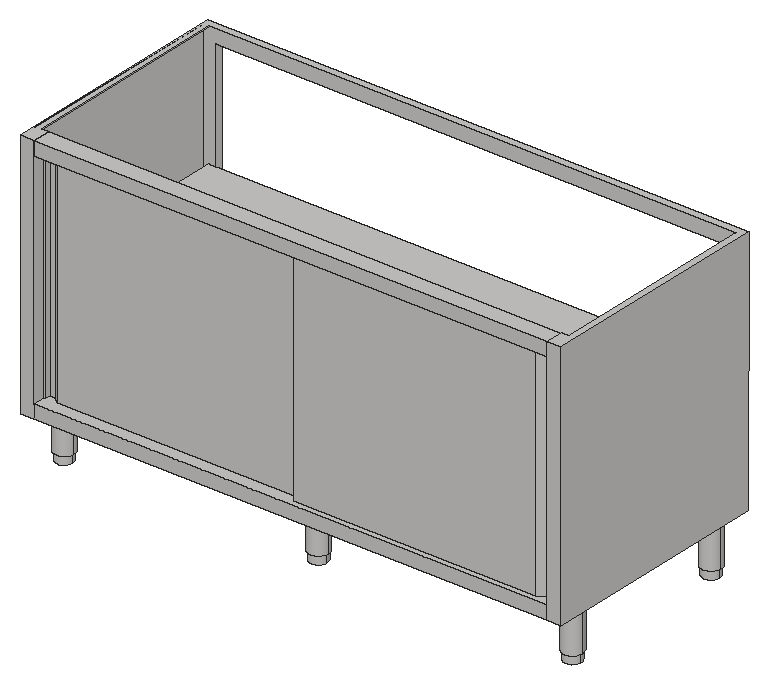
Revit family "QF_ELECTROLUXPROFESSIONAL_133186_RSAU1600SD", category Specialty Equipment, Revit 2018
Family settings
  Round Connector Dimension = Use Diameter
  Part Type = Normal
  Work Plane-Based = No
  Always vertical = Yes
  Cut with Voids When Loaded = No
  Shared = No
  Room Calculation Point = No
Parameters
  Weight = 0.00 kg
  Watts = 0 W
  Volts = 0 V
  URL Manufacturer = ""
  Steam Supply Size = 0 mm
  Steam Supply Minimum Pressure = 0.0 Pa
  Steam Supply Maximum Pressure = 0.0 Pa
  Steam Pounds per Hour = 0
  Refrigeration Suction Line Size = 0 mm
  Refrigeration Liquid Line Size = 0 mm
  Refrigerant Compressor Remote = yes
  Phase = 0
  Length Actual = 0 mm
  Item Number = ""
  Hot Water Size = 0 mm
  Height Actual = 0 mm
  HP = ""
  Gas Size = 0 mm
  Gas KW = 0
  Gas Input Pressure = 0 W
  Direct Waste Size = 0 mm
  Depth Actual = 0 mm
  Cycle = 0 Hz
  Condensate Return Size = 0 mm
  Compressed Air Volume = 0.0 L/s
  Compressed Air Size = 0 mm
  Compressed Air Pressure = 0.0 Pa
  Cold Water Size = 0 mm
  Accessory = yes
Reference planes
  plane 1 "Center (Front/Back)": y = 0
  plane 2: z = 0
  plane 3 "Center (Left/Right)": x = 0
  plane 4: y = 344.5
  plane 5 "Left": x = -794.5
  plane 6 "Right": x = 794.5
  plane 7: y = -344.5
  plane 8: z = 150
  plane 9: z = 883
  plane 10: x = -747.5
  plane 11: x = 747.5
  plane 12: y = 266.5
  plane 13: y = -241.9
Forms (mm)
  Extrusion 1, solid, material "QF_Finishes_Stainless Steel"
    sketch origin (0, 0, 0) x (1, 0, 0) y (0, 1, 0)
      loop
        line (-794.5, 344.5) -> (-794.5, -344.5) -> (-754.5, -344.5) -> (754.5, -344.5) -> (794.5, -344.5) -> (794.5, 344.5) -> (-794.5, 344.5)
    from 150 to 190
  Sweep 2, solid, material "QF_Finishes_Stainless Steel"
    path in 3D
      loop
        line (-794.5, -291.5, 150) -> (-794.5, 324.5, 150)
    profile origin (-794.5, 16.5, 150) x (1, 0, 0) y (0, 0, -1)
      loop
        line (0, -40) -> (0, -733) -> (20, -733) -> (20, -731.5) -> (1.5, -731.5) -> (1.5, -40) -> (0, -40)
  Extrusion 3, solid, material "QF_Finishes_Stainless Steel"
    sketch origin (0, 0, 0) x (1, 0, 0) y (0, 1, 0)
      loop
        line (-794.5, 344.5) -> (-794.5, 324.5) -> (-754.5, 324.5) -> (-754.5, 344.5) -> (-794.5, 344.5)
      loop
        line (794.5, 344.5) -> (754.5, 344.5) -> (754.5, 324.5) -> (794.5, 324.5) -> (794.5, 344.5)
      loop
        line (-794.5, -344.5) -> (-754.5, -344.5) -> (-754.5, -291.5) -> (-794.5, -291.5) -> (-794.5, -344.5)
      loop
        line (794.5, -344.5) -> (794.5, -291.5) -> (754.5, -291.5) -> (754.5, -344.5) -> (794.5, -344.5)
    from 190 to 883
  Extrusion 4, solid, material "QF_Finishes_Stainless Steel"
    sketch origin (0, 0, 0) x (1, 0, 0) y (0, 1, 0)
      loop
        line (-754.5, -291.5) -> (-754.5, -343.5) -> (754.5, -343.5) -> (754.5, -291.5) -> (-754.5, -291.5)
    from 843 to 881.5
  Extrusion 5, solid, material "QF_Finishes_Stainless Steel"
    sketch origin (0, 0, 0) x (1, 0, 0) y (0, 1, 0)
      loop
        line (-774.5, 324.5) -> (-774.5, -291.5) -> (774.5, -291.5) -> (774.5, 324.5) -> (-774.5, 324.5)
    from 480 to 520.003
  Sweep 6, solid, material "QF_Finishes_Stainless Steel"
    path in 3D
      loop
        line (794.5, -291.5, 150) -> (794.5, 324.5, 150)
    profile origin (794.5, 16.5, 150) x (1, 0, 0) y (0, 0, -1)
      loop
        line (0, -40) -> (-1.5, -40) -> (-1.5, -731.5) -> (-20, -731.5) -> (-20, -733) -> (0, -733) -> (0, -40)
  Extrusion 7, solid, material "QF_Finishes_Stainless Steel"
    sketch origin (0, 0, 0) x (1, 0, 0) y (0, 1, 0)
      loop
        line (-754.5, 324.5) -> (754.5, 324.5) -> (754.5, 344.5) -> (-754.5, 344.5) -> (-754.5, 324.5)
    from 843 to 883
Cuts and joins
  joined: Extrusion 1, Sweep 2, Extrusion 3, Extrusion 4, Extrusion 5, Sweep 6, Extrusion 7
Lines and regions (mm)
  sketch lines
    curve 1: line (-794.5, -291.5, 150) -> (-794.5, 324.5, 150)
    curve 2: line (794.5, -291.5, 150) -> (794.5, 324.5, 150)
  symbolic lines
    curve 3: line (-794.5, 344.5, 0) -> (794.5, 344.5, 0)
    curve 4: line (-794.5, -344.5, 0) -> (-794.5, 344.5, 0)
    curve 5: line (794.5, -344.5, 0) -> (-794.5, -344.5, 0)
    curve 6: line (794.5, 344.5, 0) -> (794.5, -344.5, 0)
    curve 7: line (-794.5, -311.5, 0) -> (0, -311.5, 0)
    curve 8: line (0, -311.5, 0) -> (0, -331.5, 0)
    curve 9: line (0, -331.5, 0) -> (794.5, -331.5, 0)
Dimensions and locks
  equal spacing: plane 5 "Left", plane 3 "Center (Left/Right)", plane 6 "Right"
  equal spacing: plane 4, plane 1 "Center (Front/Back)", plane 7
  plane 9 to plane 8 to level = 733 mm, 150 mm locked
  plane 3 "Center (Left/Right)" to plane 6 "Right" = 794.5 mm
  plane 7 to plane 1 "Center (Front/Back)" = 344.5 mm
  plane 9 to level = 883 mm
  locked: plane 10 to plane 5 "Left" at 47
  locked: plane 6 "Right" to plane 11 at 47
  plane 4 to plane 12 = 78 mm
  locked: plane 13 to plane 7 at 102.6
  aligned and locked: level to plane 2
  aligned and locked: Extrusion 1 to plane 8
  aligned and locked: plane 4 to Extrusion 1
  aligned and locked: Extrusion 1 to plane 5 "Left"
  aligned and locked: plane 6 "Right" to Extrusion 1
  aligned and locked: Extrusion 1 to plane 7
  aligned and locked: plane 11 to nested 3
  aligned and locked: plane 11 to nested 2
  aligned and locked: plane 10 to nested 1
  aligned and locked: plane 10 to nested 4
  aligned and locked: plane 12 to nested 1
  aligned and locked: plane 13 to nested 3
  aligned and locked: plane 13 to nested 4
  aligned and locked: plane 12 to nested 2
Automatic sketch dimensions
  Extrusion 1 sketch curve to plane 5 "Left" = 0 mm
  Extrusion 1 sketch curve to plane 7 = 0 mm  (x3)
  Extrusion 1 sketch curve to plane 6 "Right" = 0 mm
  Extrusion 1 sketch curve to plane 4 = 0 mm
  Extrusion 1 sketch curve to plane 10 = 7 mm
  Extrusion 1 sketch curve to Extrusion 1 sketch curve = 0 mm  (x2)
  plane 11 to Extrusion 1 sketch curve = 7 mm
  profile plane to Sweep 2 sketch curve = 0 mm
  Sweep 2 sketch curve to Sweep 2 sketch curve = 1.5 mm  (x2)
  Sweep 2 sketch curve to Sweep 2 sketch curve = 18.5 mm
  Sweep 2 sketch curve to profile plane = 733 mm
  Sweep 2 sketch curve to profile plane = 40 mm
  Extrusion 3 sketch curve to plane 4 = 0 mm  (x2)
  Extrusion 3 sketch curve to plane 5 "Left" = 0 mm  (x2)
  Extrusion 3 sketch curve to plane 7 = 0 mm  (x2)
  Extrusion 3 sketch curve to plane 6 "Right" = 0 mm  (x2)
  Extrusion 3 sketch curve to plane 10 = 7 mm  (x2)
  plane 11 to Extrusion 3 sketch curve = 7 mm  (x2)
  plane 13 to Extrusion 3 sketch curve = 49.6 mm  (x2)
  Extrusion 3 sketch curve to plane 4 = 20 mm  (x2)
  plane 7 to Extrusion 4 sketch curve = 1 mm
  Extrusion 4 sketch curve to plane 10 = 7 mm
  plane 11 to Extrusion 4 sketch curve = 7 mm
  Extrusion 4 sketch curve to Extrusion 4 sketch curve = 52 mm
  plane 5 "Left" to Extrusion 5 sketch curve = 20 mm
  Extrusion 5 sketch curve to plane 6 "Right" = 20 mm
  plane 13 to Extrusion 5 sketch curve = 49.6 mm
  Extrusion 5 sketch curve to plane 4 = 20 mm
  profile plane to Sweep 6 sketch curve = 0 mm
  Sweep 6 sketch curve to Sweep 6 sketch curve = 1.5 mm  (x2)
  Sweep 6 sketch curve to Sweep 6 sketch curve = 18.5 mm
  Sweep 6 sketch curve to profile plane = 733 mm
  Sweep 6 sketch curve to profile plane = 40 mm
  Extrusion 7 sketch curve to plane 4 = 0 mm
  Extrusion 7 sketch curve to plane 10 = 7 mm
  plane 11 to Extrusion 7 sketch curve = 7 mm
  Extrusion 7 sketch curve to Extrusion 7 sketch curve = 20 mm
  curve 3 to plane 4 = 0 mm
  curve 3 to plane 5 "Left" = 0 mm
  curve 7 to plane 3 "Center (Left/Right)" = 0 mm
  curve 5 to plane 6 "Right" = 0 mm
  curve 5 to plane 7 = 0 mm
  plane 7 to curve 7 = 33 mm
  plane 7 to curve 8 = 13 mm
Nested families
  nested 1: "Foot_Ø50_H150" at (-747.5, 266.5, 0), type "Foot_Ø50_H150"
  nested 2: "Foot_Ø50_H150" at (747.5, 266.5, 0), type "Foot_Ø50_H150"
  nested 3: "Foot_Ø50_H150" at (747.5, -241.9, 0), type "Foot_Ø50_H150"
  nested 4: "Foot_Ø50_H150" at (-747.5, -241.9, 0), type "Foot_Ø50_H150"
  nested 5: "Sliding Door" at (0, -291.5, 516.5) x (-1, 0, 0) z (0, -1, 0), type "Sliding Door"
    with L 1503 mm, H 647 mm
  nested 6: "Foot_Ø50_H150" at (0, 266.5, 0), type "Foot_Ø50_H150"
  nested 7: "Foot_Ø50_H150" at (0, -241.9, 0), type "Foot_Ø50_H150"
Definition of nested family "Foot_Ø50_H150"
  Reference planes
    plane 1 "Centro (Fronte/Retro)": y = 0
    plane 2: z = 0
    plane 3 "Centro (Sinistra/Destra)": x = 0
    plane 4: z = 150
  Forms (mm)
    Revolve 1, solid
      sketch origin (255.05, 0, 608.09) x (0, 0, 1) y (-1, 0, 0)
        loop
          line (-608.09, 255.05) -> (-608.09, 230.05) -> (-583.09, 230.05) -> (-583.09, 226.05) -> (-458.09, 226.05) -> (-458.09, 255.05) -> (-608.09, 255.05)
        axis (-608.09, 255.05) -> (-458.09, 255.05)
      angle from 0 to 360
  Dimensions and locks
    locked: Revolve 1 sketch curve to Revolve 1 sketch curve at 125
    aligned and locked: level to plane 2
    aligned and locked: plane 4 to Revolve 1 sketch curve
    aligned and locked: Revolve 1 sketch curve to level
    aligned and locked: plane 3 "Centro (Sinistra/Destra)" to Revolve 1 sketch curve
Definition of nested family "Sliding Door"
  Parameters
    L [instance] = 468 mm
    H [instance] = 560 mm
    Default Elevation = 1219.2 mm
  Reference planes
    plane 1 "Centro (Fronte/Retro)": y = 0
    plane 2: z = 0
    plane 3 "Centro (Sinistra/Destra)": x = 0
    plane 4: y = 280
    plane 5: y = -280
    plane 6: x = 234
    plane 7: x = -234
  Forms (mm)
    Extrusion 1, solid
      sketch origin (0, 0, 0) x (1, 0, 0) y (0, 1, 0)
        loop
          line (-1219.2, 1219.2) -> (-1219.2, -1219.2) -> (1219.2, -1219.2) -> (1219.2, 1219.2) -> (-1219.2, 1219.2)
      from 0 to -304.8
    Extrusion 2, solid
      sketch origin (-234, 0, 20) x (-1, 0, 0) y (0, 0, -1)
        loop
          line (-234, 0) -> (-234, -20) -> (-39.641, -20) -> (-19.162, -5.661) -> (-5, -5.661) -> (-5, -20) -> (0, -20) -> (0, 0) -> (-234, 0)
      from -280 to 280
    Extrusion 3, solid
      sketch origin (234, 0, 0) x (1, 0, 0) y (0, 0, 1)
        loop
          line (-234, 0) -> (0, 0) -> (0, 20) -> (-5, 20) -> (-5, 5.661) -> (-19.162, 5.661) -> (-39.641, 20) -> (-234, 20) -> (-234, 0)
      from -280 to 280
  Dimensions and locks
    equal spacing: plane 4, plane 1 "Centro (Fronte/Retro)", plane 5
    "H": plane 4 to plane 5
    "L": plane 6 to plane 7
    locked: Extrusion 2 sketch curve to Extrusion 2 sketch curve at 5
    locked: Extrusion 2 sketch curve to Extrusion 2 sketch curve at 14.162
    locked: Extrusion 2 sketch curve to Extrusion 2 sketch curve at 39.641
    locked: Extrusion 3 sketch curve to Extrusion 3 sketch curve at 5
    locked: Extrusion 3 sketch curve to Extrusion 3 sketch curve at 14.162
    locked: Extrusion 3 sketch curve to Extrusion 3 sketch curve at 39.641
    equal spacing: plane 7, plane 3 "Centro (Sinistra/Destra)", plane 6
    aligned and locked: plane 2 to Extrusion 1
    aligned and locked: level to Extrusion 1
    aligned and locked: plane 4 to Extrusion 2
    aligned and locked: Extrusion 2 to plane 5
    aligned and locked: Extrusion 3 to plane 5
    aligned and locked: plane 4 to Extrusion 3
  Automatic sketch dimensions
    Extrusion 1 sketch curve to Extrusion 1 sketch curve = 2438.4 mm  (x2)
    Extrusion 2 sketch curve to plane 3 "Centro (Sinistra/Destra)" = 0 mm
    plane 7 to Extrusion 2 sketch curve = 0 mm
    Extrusion 2 sketch curve to Extrusion 2 sketch curve = 14.339 mm  (x2)
    Extrusion 3 sketch curve to plane 3 "Centro (Sinistra/Destra)" = 0 mm
    Extrusion 3 sketch curve to plane 6 = 0 mm
    Extrusion 3 sketch curve to Extrusion 3 sketch curve = 14.339 mm
    level to Extrusion 2 sketch curve = 40 mm
    Extrusion 2 sketch curve to Extrusion 2 sketch curve = 20 mm
    Extrusion 3 sketch curve to level = 0 mm
    level to Extrusion 3 sketch curve = 5.661 mm
    level to Extrusion 3 sketch curve = 20 mm
